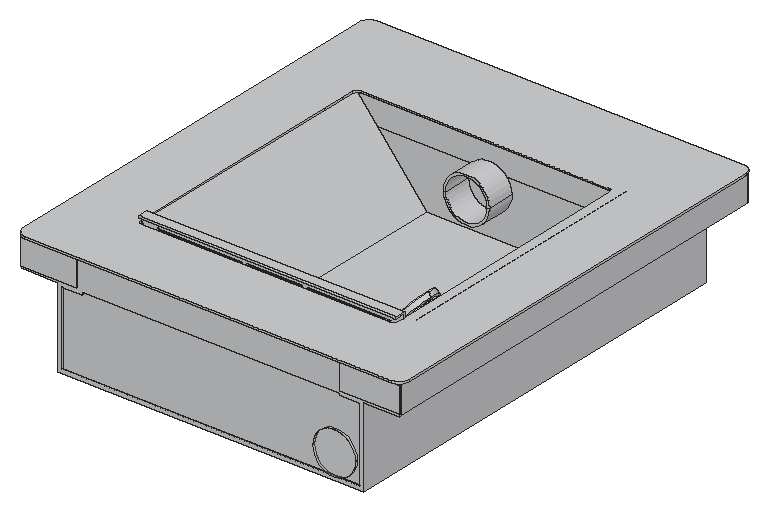
Revit family "Commercial_Water Dispenser-Elkay-EBWDCM0SSC-BD", category Plumbing Fixtures, host Face, Revit 2022
Family settings
  Host = Face
  Round Connector Dimension = Use Diameter
  Part Type = Normal
  OmniClass Number = 23.65.70.14.11
  OmniClass Title = Drinking Fountains/Coolers
  Cut with Voids When Loaded = No
  Maintain Annotation Orientation = No
  Shared = No
  Room Calculation Point = No
Parameters (values of type "EBWDCM0SSC-BD (Commercial Water Dispenser Non-Filtered Non-Refrigerated Stainless)")
  Width = 18.00"
  URL = "https://www.elkay.com/us/en.html"
  Second material = Elkay-Transparent
  Repair Parts URL = "https://www.elkayfiles.com/care-cleaning-install-warranty-sheets/2000001805.pdf"
  Product data URL = ""
  Product Weight (lbs) = 25
  Product Page URL = "https://www.elkay.com/products/details/EBWDCM0SSC-BD"
  Product Installation Sheet URL = "https://www.elkayfiles.com/care-cleaning-install-warranty-sheets/2000001805.pdf"
  Product Documentation Link = "https://www.elkayfiles.com/spec-sheets/ebwdcm0ssc-bd_spec.pdf"
  Outlet connection = 2.00"
  Model = "EBWDCM0SSC-BD"
  Manufacturer Brand = "Elkay (by Zurn Elkay Water Solutions)"
  Manufacturer = "Elkay Manufacturer Company"
  Main Material = Finish-Elkay-Stainless Steel
  Length = 5.13"
  Inlet connection = 2.00"
  Height = 28.00"
  Description = "Elkay ezH2O Commercial Water Dispenser Non-Filtered Non Refrigerated Stainless with brass drain"
  Default Elevation = 48.00"
  Date Created = "16/09/2024"
  Assembly Code = "D2010800"
  Approx. Shipping Weight (lbs) = 26
  Activation Method = "Mechanical Bottle Filler Button"
Reference planes (in)
  plane 1 "Center (Front/Back)": y = 0
  plane 2: z = 0
  plane 3 "Center (Left/Right)": x = 0
  plane 4: x = -17.78201
  plane 5: x = 10.83353
  plane 6: z = 5.55545
  plane 7: z = 5.31587
  plane 8: x = -8.8714
  plane 9: x = -9
  plane 10: x = 9
  plane 11: x = 8.865
  plane 12: x = -6
  plane 13: x = 6
  plane 14: y = -5
  plane 15: x = -6.25
  plane 16: x = 6.25261
  plane 17: z = -0.17073
  plane 18: y = -7.1
  plane 19: y = 12.98044
  plane 20: z = 1.06641
  plane 21: x = -14.25
  plane 22: z = 2.86508
  plane 23: z = -3.8125
Forms (in)
  Extrusion 1, void
    sketch origin (6.25261, -180, 18.04734) x (0, 0, -1) y (0, -1, 0)
      loop
        line (15.18226, -188.86536) -> (21.85984, -188.86536) -> (21.85984, -176.36044) -> (15.18226, -176.36044) -> (15.18226, -188.86536)
    from 0 to 12
  Extrusion 2, solid, material "Elkay-Transparent"
    sketch origin (0, 0, 0) x (1, 0, 0) y (0, 0, 1)
      loop
        circle (5.84, -2.6225) r 1
    from 7.358 to 7.47518
Lines and regions (in)
  Masking region 1
    outline origin (-40.11393, -5, 48) x (-1, 0, 0) y (0, 0, 1)
      loop
        line (-32.98393, -51.8125) -> (-32.98393, -48.17073) -> (-31.11393, -48.17073) -> (-31.11393, -46.6772) -> (-31.11393, -46.6025) -> (-34.11393, -46.6025) -> (-34.11393, -46.36292) -> (-46.11393, -46.36292) -> (-46.11393, -46.6025) -> (-49.11393, -46.6025) -> (-49.11393, -48.08791) -> (-47.24393, -48.08791) -> (-47.24393, -51.8125) -> (-32.98393, -51.8125)
  Masking region 2, detail levels fine
    outline origin (-40.11393, -5, 48) x (-1, 0, 0) y (0, 0, 1)
      loop
        circle (-40.11393, -48.65837) r 1.0644
      loop
        circle (-45.95393, -50.6225) r 1
Dimensions and locks (in)
  locked: plane 6 to level at 5.55545
  locked: plane 7 to level at 5.31587
  locked: plane 5 to plane 11 at 1.96853
  plane 5 to plane 11 = 1.96853"
  locked: plane 3 "Center (Left/Right)" to plane 4 at 17.78201
  locked: plane 5 to plane 3 "Center (Left/Right)" at 10.83353
  locked: plane 3 "Center (Left/Right)" to plane 9 at 9
  locked: plane 3 "Center (Left/Right)" to plane 8 at 8.8714
  locked: plane 5 to plane 10 at 1.83353
  plane 13 to plane 3 "Center (Left/Right)" to plane 12 = 6.00" locked, 6.00" locked
  plane 15 to plane 3 "Center (Left/Right)" to plane 16 = 6.25" locked, 6.25261" locked
  locked: level to plane 17 at 0.17073
  locked: plane 1 "Center (Front/Back)" to plane 18 at 7.1
  locked: plane 14 to plane 18 at 2.1
  locked: plane 19 to plane 1 "Center (Front/Back)" at 12.98044
  locked: level to plane 23 at 3.8125
  locked: plane 23 to Extrusion 2 sketch curve at 0.19
  locked: Extrusion 2 to Extrusion 2 at 0.11718
  locked: plane 10 to Extrusion 2 sketch curve at 3.16
  plane 9 to plane 10 = 18.00"
  plane 19 to nested 1 = 20.50"
  nested 1 to plane 23 = 5.21"
  aligned and locked: plane 2 to host face
  aligned and locked: level to host face
  aligned and locked: plane 19 to nested 1  (x2)
  aligned and locked: nested 1 to plane 23
  aligned and locked: Extrusion 1 sketch curve to nested 1  (x2)
  aligned and locked: plane 22 to Extrusion 1
  aligned and locked: Extrusion 1 to plane 23
  aligned and locked: nested 1 to Extrusion 2
  aligned and locked: Masking region 1 sketch curve to plane 23
  aligned and locked: Masking region 1 sketch curve to nested 1  (x7)
  aligned and locked: plane 17 to Masking region 1 sketch curve
  aligned and locked: plane 12 to Masking region 1 sketch curve
  aligned and locked: nested 1 to Masking region 1 sketch curve
  aligned and locked: Masking region 1 sketch curve to plane 13
  aligned and locked: Masking region 2 sketch curve to nested 1  (x2)
  aligned and locked: Masking region 2 sketch curve to Extrusion 2  (x2)
Nested families (in)
  nested 1: "EBWDCM0SSC-BD" at (0, 3.64044, 1.3975) x (1, 0, 0) z (0, 1, 0), Material <- "Main Material", type "EBWDCM0SSC-BD"
    with Material Finish-Elkay-Stainless Steel
Connectors (in)
  piping at (0, -3.63956, -0.65837), diameter 2, driven by "Outlet connection"
    settings: on nested 1, index 3, connector inside diameter 24", connector length 0.00", flow factor 0, pipe flow 0 GPM, pressure drop 0.00 psi, fitting loss kfactor 0, connector angle 0.00°, fixture units 0, engagement length 0.00", angle of deflection 0.00°, flow configuration 0, flow direction 2, fitting loss method 0, system type 16, joint type 0, gender type 0, connector reference index -1, connector utility 0, adjustable connector no, is connector primary yes, connector description "Water Outlet"
  piping at (5.84, -7.47518, -2.6225), diameter 2, driven by "Inlet connection"
    settings: on Extrusion 2, index 4, connector inside diameter 24", connector length 0.00", flow factor 0, pipe flow 0 GPM, pressure drop 0.00 psi, fitting loss kfactor 0, connector angle 0.00°, fixture units 0, engagement length 0.00", angle of deflection 0.00°, flow configuration 0, flow direction 1, fitting loss method 0, system type 20, joint type 0, gender type 0, connector reference index -1, connector utility 0, adjustable connector no, is connector primary no, connector description "Water Inlet"
Definition of nested family "EBWDCM0SSC-BD"
  Parameters (values of type "EBWDCM0SSC-BD")
    angle 1 = 50.1737°
    Width = 20.50"
    Thickness = 5.30616"
    Material [instance] = none
    Length = 18.00"
    Default Elevation = 48.00"
    Angle 2 = 49.9996°
  Reference planes (in)
    plane 1 "Center (Front/Back)": y = 0
    plane 2: z = -0.91
    plane 3 "Center (Left/Right)": x = 0
    plane 4: x = -9
    plane 5: z = -11.16
    plane 6: x = 9
    plane 7: z = 9.34
    plane 8: y = 5.31587
    plane 9: z = -7.24
    plane 10: z = -6.07
    plane 11: z = 4.93
    plane 12: y = 4.18794
    plane 13: y = 4.14794
    plane 14: y = 0.0747
    plane 15: z = 5.22492
    plane 16: z = 5.18492
    plane 17: x = -6
    plane 18: x = 6
    plane 19: z = -7.82654
    plane 20: z = 6.00654
    plane 21: y = 2.05587
    plane 22: y = 2.80587
    plane 23: z = 3.88098
    plane 24: x = -1.0644
    plane 25: x = -0.9644
    plane 26: x = -8.8314
    plane 27: x = 8.825
    plane 28: x = -8.8714
    plane 29: y = 5.27587
    plane 30: x = 8.785
    plane 31: y = 1.15848
    plane 32: y = 1.19848
    plane 33: x = 7.4104
    plane 34: x = -7.4104
    plane 35: z = -10.99844
    plane 36: z = 8.92174
    plane 37: y = 1.35263
    plane 38: y = 1.38853
    plane 39: z = 9.13483
    plane 40: z = 9.09893
    plane 41: y = 0.26261
    plane 42: z = 8.90544
    plane 43: z = 8.86954
    plane 44: z = 9.21544
    plane 45: z = 9.17559
    plane 46: x = 8.865
    plane 47: z = -10.95844
    plane 48: z = -7.28
    plane 49: y = -0.20304
    plane 50: y = -0.23958
    plane 51: y = -0.19981
    plane 52: y = -0.16399
    plane 53: z = -3.91668
    plane 54: z = -8.70325
    plane 55: z = -10.90216
    plane 56: z = -10.93806
    plane 57: y = 1.48541
    plane 58: z = -10.75225
    plane 59: z = -9.66918
    plane 60: x = -6.245
    plane 61: x = -3.03825
    plane 62: z = -9.06
  Forms (in)
    Extrusion 1, solid, material <- "Material", detail levels fine
      sketch origin (0, 0, -0.91) x (1, 0, 0) y (0, 1, 0)
        loop
          line (-2.91865, 4.18794) -> (-6.34888, 0.0747) -> (-6.30888, 0.0747) -> (-2.91201, 4.14794) -> (2.88659, 4.14794) -> (6.30449, 0.0747) -> (6.34449, 0.0747) -> (2.89303, 4.18794) -> (-2.91865, 4.18794)
      from -6.33 to 6.13492
    Extrusion 2, solid, material <- "Material", detail levels fine
      sketch origin (0, 0, -0.91) x (1, 0, 0) y (0, 1, 0)
        loop
          line (-2.91865, 4.18794) -> (-6.34888, 0.0747) -> (6.34449, 0.0747) -> (2.89303, 4.18794) -> (-2.91865, 4.18794)
      from 6.09492 to 6.13492
    Extrusion 3, solid, material <- "Material", detail levels fine
      sketch origin (-25.99937, 2.05587, 48) x (-1, 0, 0) y (0, 0, 1)
        loop
          line (-20.24937, -43.07) -> (-31.74937, -43.07)
          arc (-31.74937, -43.07) -> (-31.92615, -43.14322) -> (-31.99937, -43.32) r 0.25
          line (-31.99937, -43.32) -> (-31.99937, -55.57654)
          arc (-31.99937, -55.57654) -> (-31.92615, -55.75331) -> (-31.74937, -55.82654) r 0.25
          line (-31.74937, -55.82654) -> (-20.24937, -55.82654)
          arc (-20.24937, -55.82654) -> (-20.07259, -55.75331) -> (-19.99937, -55.57654) r 0.25
          line (-19.99937, -55.57654) -> (-19.99937, -43.32)
          arc (-19.99937, -43.32) -> (-20.07259, -43.14322) -> (-20.24937, -43.07) r 0.25
        loop
          line (-17.44937, -38.66) -> (-34.54937, -38.66)
          arc (-34.54937, -38.66) -> (-34.86757, -38.7918) -> (-34.99937, -39.11) r 0.45
          line (-34.99937, -39.11) -> (-34.99937, -58.71)
          arc (-34.99937, -58.71) -> (-34.86757, -59.0282) -> (-34.54937, -59.16) r 0.45
          line (-34.54937, -59.16) -> (-17.44937, -59.16)
          arc (-17.44937, -59.16) -> (-17.13117, -59.0282) -> (-16.99937, -58.71) r 0.45
          line (-16.99937, -58.71) -> (-16.99937, -39.11)
          arc (-16.99937, -39.11) -> (-17.13117, -38.7918) -> (-17.44937, -38.66) r 0.45
      from -2.05587 to -1.98117
    Extrusion 4, solid, material <- "Material", detail levels fine
      sketch origin (0, 0, -0.91) x (1, 0, 0) y (0, 1, 0)
        loop
          line (-7.13, 5.21) -> (-7.13, 1.38853) -> (-6, 1.38853) -> (-6, 1.57853) -> (-6.94, 1.57853) -> (-6.94, 5.01814) -> (6.94, 5.01814) -> (6.94, 1.57853) -> (6, 1.57853) -> (6, 1.38853) -> (7.13, 1.38853) -> (7.13, 5.21) -> (-7.13, 5.21)
      from -10.08844 to 9.77954
    Extrusion 5, solid, material <- "Material", detail levels fine
      sketch origin (0, 0, 0) x (0, 1, 0) y (0, 0, 1)
        loop
          line (5.21, 8.90544) -> (1.42698, 8.90544)
          arc (1.42698, 8.90544) -> (1.39979, 8.9167) -> (1.38853, 8.94389) r 0.03845
          line (1.38853, 8.94389) -> (1.38853, 9.0675)
          arc (1.38853, 9.0675) -> (1.36881, 9.11511) -> (1.32121, 9.13483) r 0.06732
          line (1.32121, 9.13483) -> (0.26261, 9.13483) -> (0.26261, 9.09893) -> (1.3244, 9.09893)
          arc (1.3244, 9.09893) -> (1.34436, 9.09066) -> (1.35263, 9.07069) r 0.02824
          line (1.35263, 9.07069) -> (1.35263, 8.93711)
          arc (1.35263, 8.93711) -> (1.37242, 8.88933) -> (1.4202, 8.86954) r 0.06757
          line (1.4202, 8.86954) -> (5.21, 8.86954) -> (5.21, 8.90544)
      from -7.13 to 7.13
    Extrusion 6, solid, material <- "Material", detail levels fine
      sketch origin (-25.99937, 2.05587, 48) x (-1, 0, 0) y (0, 0, 1)
        loop
          line (-17.21808, -38.78456) -> (-34.8087, -38.78456)
          arc (-34.8087, -38.78456) -> (-34.84807, -38.80087) -> (-34.86437, -38.84023) r 0.05567
          line (-34.86437, -38.84023) -> (-34.86437, -58.99844) -> (-31.99937, -58.99844) -> (-31.99937, -42.84766)
          arc (-31.99937, -42.84766) -> (-31.98983, -42.82462) -> (-31.9668, -42.81508) r 0.03257
          line (-31.9668, -42.81508) -> (-19.80756, -42.81508)
          arc (-19.80756, -42.81508) -> (-19.76995, -42.83066) -> (-19.75437, -42.86827) r 0.05319
          line (-19.75437, -42.86827) -> (-19.75437, -58.99844) -> (-17.12797, -58.99844) -> (-17.12797, -38.87467)
          arc (-17.12797, -38.87467) -> (-17.15436, -38.81095) -> (-17.21808, -38.78456) r 0.09011
      from -1.98117 to -0.66734
    Extrusion 7, solid, material <- "Material", detail levels fine
      sketch origin (-0.04, 0, -0.91) x (1, 0, 0) y (0, 1, 0)
        loop
          line (-6.30888, 0.0747) -> (6.34449, 0.0747) -> (2.89303, 4.18794) -> (-2.87865, 4.18794) -> (-6.30888, 0.0747)
      from -6.37 to -6.33
    Extrusion 8, solid, material <- "Material", detail levels fine
      sketch origin (0, 0, 0) x (0, 1, 0) y (0, 0, 1)
        loop
          line (0.0747, -7.24) -> (-0.23958, -7.24) -> (-0.23958, -7.70059)
          arc (-0.23958, -7.70059) -> (-0.20179, -7.73839) -> (-0.16399, -7.70059) r 0.03779
          line (-0.16399, -7.70059) -> (-0.16399, -7.52105) -> (-0.20304, -7.52105) -> (-0.20304, -7.28) -> (0.0747, -7.28) -> (0.0747, -7.24)
      from -6 to 6
    Extrusion 9, void
      sketch origin (0, 0, -0.91) x (1, 0, 0) y (0, 1, 0)
        loop
          circle (0, 2.05587) r 0.5
      from -7.79325 to -5.16
    Revolve 10, solid, material <- "Material", detail levels fine
      sketch origin (-51.99516, -180, -3.91668) x (-1, 0, 0) y (0, -1, 0)
        loop
          line (-55.73916, -181.6069) -> (-56.51071, -182.25432) -> (-55.78648, -183.11741) -> (-55.61633, -182.97464)
          arc (-55.61633, -182.97464) -> (-55.64519, -182.84266) -> (-55.70791, -182.72302) r 0.50646
          line (-55.70791, -182.72302) -> (-55.49441, -182.54386)
          arc (-55.49441, -182.54386) -> (-55.4821, -182.52022) -> (-55.49012, -182.4948) r 0.03483
          line (-55.49012, -182.4948) -> (-55.76465, -182.16762) -> (-55.71435, -182.12754) -> (-55.36428, -182.55543) -> (-55.19702, -182.41859)
          arc (-55.19702, -182.41859) -> (-55.18242, -182.39263) -> (-55.1893, -182.36365) r 0.04089
          arc (-55.1893, -182.36365) -> (-55.45997, -181.98218) -> (-55.73916, -181.6069) r 20.77321
        axis (-55.73916, -181.6069) -> (-56.51071, -182.25432)
      angle from 0 to 360
    Extrusion 11, void
      sketch origin (0, 0, -0.91) x (1, 0, 0) y (0, 1, 0)
        loop
          line (-3.35425, 2.77725) -> (-3.43733, 2.67763) -> (-1.51305, 2.67763) -> (-1.51305, 2.77725) -> (-3.35425, 2.77725)
        loop
          line (-3.64736, 2.42578) -> (-3.74906, 2.30382) -> (-1.51305, 2.30382) -> (-1.51305, 2.42578) -> (-3.64736, 2.42578)
        loop
          line (-3.94453, 2.06944) -> (-4.04608, 1.94767) -> (-1.51305, 1.94767) -> (-1.51305, 2.06944) -> (-3.94453, 2.06944)
        loop
          line (-4.25029, 1.7028) -> (-4.35291, 1.57974) -> (-1.51305, 1.57974) -> (-1.51305, 1.7028) -> (-4.25029, 1.7028)
        loop
          line (-4.5585, 1.33322) -> (-4.64485, 1.22967) -> (-1.51305, 1.22967) -> (-1.51305, 1.33322) -> (-4.5585, 1.33322)
        loop
          line (-1.51305, 3.0508) -> (-1.51305, 3.13157) -> (-3.05877, 3.13157) -> (-3.12613, 3.0508) -> (-1.51305, 3.0508)
        loop
          line (-1.51305, 3.42396) -> (-1.51305, 3.47908) -> (-2.76896, 3.47908) -> (-2.81493, 3.42396) -> (-1.51305, 3.42396)
        loop
          line (3.483, 2.77725) -> (1.51305, 2.77725) -> (1.51305, 2.67763) -> (3.56237, 2.67763) -> (3.483, 2.77725)
        loop
          line (3.76303, 2.42578) -> (1.51305, 2.42578) -> (1.51305, 2.30382) -> (3.8602, 2.30382) -> (3.76303, 2.42578)
        loop
          line (4.04695, 2.06944) -> (1.51305, 2.06944) -> (1.51305, 1.94767) -> (4.14397, 1.94767) -> (4.04695, 2.06944)
        loop
          line (4.33907, 1.7028) -> (1.51305, 1.7028) -> (1.51305, 1.57974) -> (4.43711, 1.57974) -> (4.33907, 1.7028)
        loop
          line (4.63353, 1.33322) -> (1.51305, 1.33322) -> (1.51305, 1.22967) -> (4.71603, 1.22967) -> (4.63353, 1.33322)
        loop
          line (1.51305, 3.0508) -> (3.26505, 3.0508) -> (3.2007, 3.13157) -> (1.51305, 3.13157) -> (1.51305, 3.0508)
        loop
          line (1.51305, 3.42396) -> (2.96774, 3.42396) -> (2.92381, 3.47908) -> (1.51305, 3.47908) -> (1.51305, 3.42396)
        loop
          line (-1.33722, 3.47908) -> (-1.33722, 3.42396) -> (1.3477, 3.42396) -> (1.3477, 3.47908) -> (-1.33722, 3.47908)
        loop
          line (-1.31763, 3.13157) -> (-1.31763, 3.0508) -> (1.3477, 3.0508) -> (1.3477, 3.13157) -> (-1.31763, 3.13157)
        loop
          line (-1.31763, 2.77725) -> (-1.31763, 2.67763) -> (1.3477, 2.67763) -> (1.3477, 2.77725) -> (-1.31763, 2.77725)
        loop
          line (-1.31763, 2.42578) -> (-1.31763, 2.30382) -> (-0.63104, 2.30382) -> (-0.56132, 2.42578) -> (-1.31763, 2.42578)
        loop
          line (-1.31763, 2.06944) -> (-1.31763, 1.94767) -> (-0.58993, 1.94767) -> (-0.58993, 2.06944) -> (-1.31763, 2.06944)
        loop
          line (-1.31763, 1.7028) -> (-1.31763, 1.57974) -> (-0.50895, 1.57974) -> (-0.58993, 1.7028) -> (-1.31763, 1.7028)
        loop
          line (-1.31763, 1.33322) -> (-1.31763, 1.22967) -> (1.31471, 1.22967) -> (1.31471, 1.33322) -> (-1.31763, 1.33322)
        loop
          line (1.31763, 2.42578) -> (0.56132, 2.42578) -> (0.63104, 2.30382) -> (1.31763, 2.30382) -> (1.31763, 2.42578)
        loop
          line (1.31763, 2.06944) -> (0.58993, 2.06944) -> (0.58993, 1.94767) -> (1.31763, 1.94767) -> (1.31763, 2.06944)
        loop
          line (1.31763, 1.7028) -> (0.58993, 1.7028) -> (0.50895, 1.57974) -> (1.31763, 1.57974) -> (1.31763, 1.7028)
        loop
          line (-4.87607, 0.95242) -> (-4.96242, 0.84887) -> (-1.51305, 0.84887) -> (-1.51305, 0.95242) -> (-4.87607, 0.95242)
        loop
          line (-5.14363, 0.63158) -> (-5.22998, 0.52803) -> (-1.51305, 0.52803) -> (-1.51305, 0.63158) -> (-5.14363, 0.63158)
        loop
          line (-5.36498, 0.36615) -> (-5.45133, 0.26261) -> (-1.51305, 0.26261) -> (-1.51305, 0.36615) -> (-5.36498, 0.36615)
        loop
          line (-1.31763, 0.95242) -> (-1.31763, 0.84887) -> (1.31471, 0.84887) -> (1.31471, 0.95242) -> (-1.31763, 0.95242)
        loop
          line (-1.31763, 0.63158) -> (-1.31763, 0.52803) -> (1.31763, 0.52803) -> (1.31763, 0.63158) -> (-1.31763, 0.63158)
        loop
          line (-1.31597, 0.36615) -> (-1.31597, 0.26261) -> (1.31763, 0.26261) -> (1.31763, 0.36615) -> (-1.31597, 0.36615)
        loop
          line (4.93693, 0.95242) -> (1.51305, 0.95242) -> (1.51305, 0.84887) -> (5.01944, 0.84887) -> (4.93693, 0.95242)
        loop
          line (5.19256, 0.63158) -> (1.51305, 0.63158) -> (1.51305, 0.52803) -> (5.27506, 0.52803) -> (5.19256, 0.63158)
        loop
          line (5.40404, 0.36615) -> (1.51305, 0.36615) -> (1.51305, 0.26261) -> (5.48654, 0.26261) -> (5.40404, 0.36615)
      from -7.79325 to -5.16
    Extrusion 12, solid, material <- "Material", detail levels coarse+medium
      sketch origin (0, 0, -0.91) x (1, 0, 0) y (0, 1, 0)
        loop
          line (-9, 5.31587) -> (-9, 0) -> (9, 0) -> (9, 5.31587) -> (-9, 5.31587)
      from -10.25 to 10.25
    Extrusion 13, void
      sketch origin (0, 0, -0.91) x (1, 0, 0) y (0, 1, 0)
        loop
          line (-2.21117, 4.14794) -> (-7.20205, -1.83671) -> (7.15917, -1.83671) -> (2.3909, 4.14794) -> (-2.21117, 4.14794)
      from -5.16 to 5.84
    Extrusion 14, solid, material <- "Material", detail levels fine
      sketch origin (0, 0, 0) x (0, 1, 0) y (0, 0, 1)
        loop
          line (5.21, -10.95844) -> (5.21, -10.90216) -> (1.35263, -10.90216) -> (1.35263, -10.95844) -> (5.21, -10.95844)
      from -7.13 to 7.13
    Extrusion 15, solid, material <- "Material", detail levels fine
      sketch origin (0, 0, 0) x (0, 1, 0) y (0, 0, 1)
        loop
          line (1.48541, -10.99844) -> (1.48541, -10.95844) -> (0.15388, -10.95844)
          arc (0.15388, -10.95844) -> (0.12812, -10.94777) -> (0.11745, -10.92201) r 0.03643
          line (0.11745, -10.92201) -> (0.11745, -10.75225) -> (0.0747, -10.75225) -> (0.0747, -10.90837)
          arc (0.0747, -10.90837) -> (0.10108, -10.97206) -> (0.16477, -10.99844) r 0.09007
          line (0.16477, -10.99844) -> (1.48541, -10.99844)
      from -8.8314 to 8.785
    Revolve 16, solid, material <- "Material"
      sketch origin (-25.99937, 2.05587, 48) x (-1, 0, 0) y (0, 0, 1)
        loop
          line (-25.03497, -42.81508) -> (-25.03497, -44.11902) -> (-24.93497, -44.11902) -> (-24.93497, -42.81508) -> (-25.03497, -42.81508)
        axis (-25.99937, -42.81508) -> (-25.99937, -44.11902)
      angle from 0 to 360
  Cuts and joins
    Extrusion 9, Extrusion 11, Extrusion 13 cuts Extrusion 1
    Extrusion 9, Extrusion 11, Extrusion 13 cuts Extrusion 2
    joined: Extrusion 1, Extrusion 2
    Extrusion 9, Extrusion 11, Extrusion 13 cuts Extrusion 4
    Extrusion 9, Extrusion 11, Extrusion 13 cuts Extrusion 5
    joined: Extrusion 4, Extrusion 5, Extrusion 14, Extrusion 15
    Extrusion 9, Extrusion 11 cuts Extrusion 7
    joined: Extrusion 7, Extrusion 8
    Extrusion 11, Extrusion 13 cuts Extrusion 6
    Extrusion 13 cuts Extrusion 3
    Extrusion 13 cuts Extrusion 12
  Lines and regions (in)
    reference lines
      curve 1: line (-6.41118, 0, -0.91) -> (-2.91865, 4.18794, -0.91)
      curve 2: line (2.89303, 4.18794, -0.91) -> (6.40717, 0, -0.91)
      curve 3: line (-6.37118, 0, -0.91) -> (-2.87865, 4.18794, -0.91)
      curve 4: line (2.85303, 4.18794, -0.91) -> (6.36717, 0, -0.91)
      curve 5: line (-5.87013, -0.23958, -0.91) -> (-2.17781, 4.18794, -0.91)
      curve 6: line (2.35903, 4.18794, -0.91) -> (5.88666, -0.23958, -0.91)
      curve 7: line (3.44098, 1.35263, -0.91) -> (5.17286, 2.80587, -0.91)
  Dimensions and locks (in)
    equal spacing: plane 6, plane 3 "Center (Left/Right)", plane 4, locked at 9 each
    equal spacing: plane 7, level, plane 5, locked at 10.25 each
    "Width": plane 7 to plane 5
    "Length": plane 6 to plane 4
    plane 1 "Center (Front/Back)" to plane 8 = 5.31587"
    locked: plane 9 to plane 5 at 3.92
    locked: plane 11 to plane 9 at 12.17
    plane 8 to plane 12 = 1.12793"
    locked: plane 12 to plane 13 at 0.04
    locked: plane 8 to plane 12 at 1.12793
    locked: plane 1 "Center (Front/Back)" to plane 14 at 0.0747
    locked: plane 15 to plane 11 at 0.29492
    locked: plane 15 to plane 16 at 0.04
    equal spacing: plane 18, plane 3 "Center (Left/Right)", plane 17, locked at 6 each
    locked: plane 3 "Center (Left/Right)" to plane 17 at 6
    equal spacing: plane 20, level, plane 19
    level to plane 19 = 6.91654"
    locked: plane 8 to plane 21 at 3.26
    locked: plane 11 to plane 23 at 1.04902
    locked: plane 25 to plane 24 at 0.1
    locked: plane 3 "Center (Left/Right)" to plane 25 at 0.9644
    locked: plane 4 to plane 28 at 0.1286
    locked: plane 28 to plane 26 at 0.04
    locked: plane 8 to plane 29 at 0.04
    locked: plane 30 to plane 27 at 0.04
    locked: plane 32 to plane 31 at 0.04
    locked: plane 32 to plane 14 at 1.12378
    locked: plane 4 to plane 34 at 1.5896
    locked: plane 33 to plane 6 at 1.5896
    locked: plane 35 to plane 5 at 0.16156
    locked: plane 7 to plane 36 at 0.41826
    locked: plane 38 to plane 37 at 0.0359
    locked: plane 39 to plane 40 at 0.0359
    locked: plane 42 to plane 43 at 0.0359
    locked: plane 40 to plane 42 at 0.19349
    locked: plane 44 to plane 45 at 0.03985
    locked: plane 7 to plane 44 at 0.12456
    locked: plane 46 to plane 27 at 0.04
    locked: plane 6 to plane 46 at 0.135
    locked: plane 47 to plane 35 at 0.04
    locked: plane 9 to plane 48 at 0.04
    locked: plane 52 to plane 51 at 0.03581
    locked: plane 49 to plane 50 at 0.03654
    locked: plane 41 to plane 52 at 0.4266
    locked: plane 41 to plane 50 at 0.50219
    locked: plane 31 to plane 41 at 0.89588
    locked: plane 53 to plane 10 at 2.15332
    locked: plane 10 to plane 48 at 1.21
    locked: plane 56 to plane 5 at 0.22194
    locked: plane 55 to plane 56 at 0.0359
    locked: plane 58 to plane 55 at 0.14991
    locked: plane 21 to plane 57 at 0.57046
    locked: plane 22 to plane 21 at 0.75
    locked: plane 58 to plane 54 at 2.049
    locked: plane 59 to plane 58 at 1.08307
    locked: plane 19 to plane 54 at 0.87672
    locked: plane 45 to plane 43 at 0.30605
    plane 60 to plane 28 = 2.6264"
    locked: plane 34 to plane 60 at 1.1654
    plane 60 to plane 17 = 0.245"
    locked: plane 17 to plane 3 "Center (Left/Right)" at 6
    locked: plane 17 to plane 61 at 2.96175
    locked: plane 21 to plane 38 at 0.66734
    locked: plane 62 to plane 54 at 0.35675
    plane 4 to Extrusion 12 = 18.00"
    locked: plane 1 "Center (Front/Back)" to Extrusion 4 sketch curve at 5.21
    locked: cut or joined group of Extrusion 4, Extrusion 5, Extrusion 9, Extrusion 11, Extrusion 13, Extrusion 14, Extrusion 15 to cut or joined group of Extrusion 4, Extrusion 5, Extrusion 9, Extrusion 11, Extrusion 13, Extrusion 14, Extrusion 15 at 0.19186
    plane 4 to Extrusion 4 sketch curve = 1.87"
    Extrusion 4 sketch curve to plane 6 = 1.87"
    locked: cut or joined group of Extrusion 4, Extrusion 5, Extrusion 9, Extrusion 11, Extrusion 13, Extrusion 14, Extrusion 15 to plane 33 at 0.2804
    locked: plane 34 to cut or joined group of Extrusion 4, Extrusion 5, Extrusion 9, Extrusion 11, Extrusion 13, Extrusion 14, Extrusion 15 at 0.2804
    "angle 1": angle plane 13 to curve 1
    "Angle 2": angle curve 2 to plane 13
    locked: plane 22 to curve 7 (angle 40.0004°)
    locked: cut or joined group of Extrusion 7, Extrusion 8, Extrusion 9, Extrusion 11 to curve 5 (angle 50.1737°)
    locked: cut or joined group of Extrusion 7, Extrusion 8, Extrusion 9, Extrusion 11 to curve 6 (angle 128.546°)
    aligned and locked: plane 2 to level
    aligned and locked: plane 1 "Center (Front/Back)" to curve 1
    aligned and locked: plane 12 to curve 1
    aligned and locked: plane 12 to curve 2
    aligned and locked: plane 1 "Center (Front/Back)" to curve 2
    aligned and locked: plane 1 "Center (Front/Back)" to curve 3
    aligned and locked: plane 12 to curve 3
    aligned and locked: plane 12 to curve 4
    aligned and locked: plane 1 "Center (Front/Back)" to curve 4
    aligned and locked: Extrusion 1 sketch curve to plane 12
    aligned and locked: Extrusion 1 sketch curve to plane 13
    aligned and locked: Extrusion 1 sketch curve to curve 1
    aligned and locked: Extrusion 1 sketch curve to curve 3
    aligned and locked: Extrusion 1 sketch curve to curve 2
    aligned and locked: curve 4 to Extrusion 1 sketch curve
    aligned and locked: Extrusion 1 sketch curve to plane 14  (x2)
    aligned and locked: Extrusion 1 to plane 9
    aligned and locked: plane 15 to Extrusion 1
    aligned and locked: curve 1 to Extrusion 2 sketch curve
    aligned and locked: Extrusion 2 sketch curve to plane 12
    aligned and locked: Extrusion 2 sketch curve to curve 2
    aligned and locked: plane 14 to Extrusion 2 sketch curve
    aligned and locked: plane 15 to Extrusion 2
    aligned and locked: Extrusion 2 to plane 16
    aligned and locked: Extrusion 3 sketch curve to plane 11
    aligned and locked: plane 17 to Extrusion 3 sketch curve
    aligned and locked: Extrusion 3 sketch curve to plane 18
    aligned and locked: plane 19 to Extrusion 3 sketch curve
    aligned and locked: Extrusion 3 sketch curve to plane 7
    aligned and locked: plane 4 to Extrusion 3 sketch curve
    aligned and locked: plane 5 to Extrusion 3 sketch curve
    aligned and locked: Extrusion 3 sketch curve to plane 6
    aligned and locked: plane 1 "Center (Front/Back)" to Extrusion 3
    aligned and locked: plane 14 to Extrusion 3
    aligned and locked: Extrusion 4 to plane 35
    aligned and locked: plane 43 to Extrusion 5 sketch curve
    aligned and locked: Extrusion 5 sketch curve to plane 42
    aligned and locked: plane 37 to Extrusion 5 sketch curve
    aligned and locked: Extrusion 5 sketch curve to plane 38
    aligned and locked: Extrusion 5 sketch curve to plane 39
    aligned and locked: plane 40 to Extrusion 5 sketch curve
    aligned and locked: plane 41 to Extrusion 5 sketch curve
    aligned and locked: plane 43 to Extrusion 4
    aligned and locked: Extrusion 6 sketch curve to plane 44
    aligned and locked: plane 28 to Extrusion 6 sketch curve
    aligned and locked: Extrusion 6 sketch curve to plane 46
    aligned and locked: Extrusion 6 sketch curve to plane 35  (x2)
    aligned and locked: plane 38 to Extrusion 6
    aligned and locked: Extrusion 6 to plane 14
    aligned and locked: plane 9 to Extrusion 7
    aligned and locked: Extrusion 7 to plane 48
    aligned and locked: Extrusion 7 sketch curve to cut or joined group of Extrusion 1, Extrusion 2, Extrusion 9, Extrusion 11, Extrusion 13
    aligned and locked: plane 14 to Extrusion 7 sketch curve
    aligned and locked: Extrusion 8 sketch curve to plane 9
    aligned and locked: plane 48 to Extrusion 8 sketch curve
    aligned and locked: plane 50 to Extrusion 8 sketch curve
    aligned and locked: Extrusion 8 sketch curve to plane 49
    aligned and locked: Extrusion 8 sketch curve to plane 14
    aligned and locked: plane 52 to Extrusion 8 sketch curve
    aligned and locked: Extrusion 8 to plane 17
    aligned and locked: plane 18 to Extrusion 8
    aligned and locked: plane 3 "Center (Left/Right)" to Extrusion 9 sketch curve
    aligned and locked: plane 21 to Extrusion 9 sketch curve
    aligned and locked: plane 10 to Extrusion 9
    aligned and locked: plane 22 to curve 7
    aligned and locked: plane 37 to curve 7
    aligned and locked: curve 7 to Revolve 10 sketch curve  (x2)
    aligned and locked: cut or joined group of Extrusion 1, Extrusion 2, Extrusion 9, Extrusion 11, Extrusion 13 to Revolve 10 sketch curve
    aligned and locked: plane 12 to curve 5
    aligned and locked: plane 50 to curve 5
    aligned and locked: plane 12 to curve 6
    aligned and locked: plane 50 to curve 6
    aligned and locked: curve 5 to Extrusion 11 sketch curve  (x10)
    aligned and locked: Extrusion 11 sketch curve to curve 6  (x5)
    aligned and locked: curve 6 to Extrusion 11 sketch curve  (x5)
    aligned and locked: plane 10 to Extrusion 11
    aligned and locked: Extrusion 11 to plane 54
    aligned and locked: Extrusion 11 to Extrusion 9
    aligned and locked: Extrusion 12 sketch curve to plane 8
    aligned and locked: Extrusion 12 to plane 4
    aligned and locked: plane 6 to Extrusion 12
    aligned and locked: Extrusion 12 sketch curve to plane 1 "Center (Front/Back)"
    aligned and locked: Extrusion 13 sketch curve to curve 5
    aligned and locked: curve 6 to Extrusion 13 sketch curve
    aligned and locked: Extrusion 13 sketch curve to plane 13
    aligned and locked: plane 11 to cut or joined group of Extrusion 12, Extrusion 13
    aligned and locked: cut or joined group of Extrusion 12, Extrusion 13 to plane 10
    aligned and locked: plane 55 to Extrusion 14 sketch curve
    aligned and locked: Extrusion 14 sketch curve to plane 37
    aligned and locked: Extrusion 15 sketch curve to plane 35
    aligned and locked: plane 47 to Extrusion 15 sketch curve
    aligned and locked: Extrusion 15 sketch curve to plane 14
    aligned and locked: Extrusion 14 sketch curve to plane 47
    aligned and locked: plane 57 to Extrusion 15 sketch curve
    aligned and locked: plane 58 to Extrusion 15 sketch curve
    aligned and locked: Extrusion 15 to plane 26
    aligned and locked: plane 30 to Extrusion 15
    aligned and locked: plane 24 to Revolve 16 sketch curve
    aligned and locked: Revolve 16 sketch curve to plane 25
    aligned and locked: plane 23 to Revolve 16 sketch curve
    aligned and locked: Revolve 16 sketch curve to plane 16
    aligned and locked: Revolve 16 sketch curve to plane 3 "Center (Left/Right)"
    aligned and locked: cut or joined group of Extrusion 12, Extrusion 13 to plane 5
    aligned and locked: plane 7 to cut or joined group of Extrusion 12, Extrusion 13
    aligned and locked: Extrusion 5 sketch curve to cut or joined group of Extrusion 4, Extrusion 5, Extrusion 9, Extrusion 11, Extrusion 13, Extrusion 14, Extrusion 15
    aligned and locked: Extrusion 14 sketch curve to cut or joined group of Extrusion 4, Extrusion 5, Extrusion 9, Extrusion 11, Extrusion 13, Extrusion 14, Extrusion 15
    aligned and locked: Extrusion 4 sketch curve to plane 38  (x2)
    aligned and locked: Extrusion 4 sketch curve to plane 17
    aligned and locked: Extrusion 4 sketch curve to plane 18
    aligned and locked: Extrusion 5 to Extrusion 4
    aligned and locked: cut or joined group of Extrusion 4, Extrusion 5, Extrusion 9, Extrusion 11, Extrusion 13, Extrusion 14, Extrusion 15 to cut or joined group of Extrusion 4, Extrusion 5, Extrusion 9, Extrusion 11, Extrusion 13, Extrusion 14, Extrusion 15  (x2)
    aligned and locked: Extrusion 14 to Extrusion 4
    aligned and locked: plane 60 to Extrusion 6 sketch curve
    aligned and locked: Extrusion 6 sketch curve to plane 18
    aligned and locked: Extrusion 6 sketch curve to plane 16
  Automatic sketch dimensions
    Extrusion 1 sketch curve to Extrusion 1 sketch curve = 0.00644"
    Extrusion 3 sketch curve to plane 42 = 0.01544"
    Extrusion 3 sketch curve to plane 30 = 0.235"
    Extrusion 3 sketch curve to plane 18 = 0.25"  (x2)
    Extrusion 3 sketch curve to Extrusion 3 sketch curve = 0.25"
    plane 17 to Extrusion 3 sketch curve = 0.25"
    plane 26 to Extrusion 3 sketch curve = 0.2814"  (x2)
    Extrusion 5 sketch curve to plane 37 = 0.03142"
    Extrusion 5 sketch curve to Extrusion 5 sketch curve = 0.00319"
    plane 38 to Extrusion 5 sketch curve = 0.03167"
    Extrusion 5 sketch curve to Extrusion 5 sketch curve = 0.00678"
    Extrusion 6 sketch curve to plane 27 = 0.01567"
    Extrusion 6 sketch curve to plane 30 = 2.81757"
    Extrusion 6 sketch curve to plane 39 = 4.0031"
    Extrusion 6 sketch curve to Extrusion 6 sketch curve = 2.58948"
    Extrusion 7 sketch curve to plane 12 = 0.00"
    plane 3 "Center (Left/Right)" to Extrusion 7 sketch curve = 2.85303"
    plane 18 to Extrusion 7 sketch curve = 0.30449"
    plane 19 to Extrusion 8 sketch curve = 0.12594"
    Extrusion 8 sketch curve to Extrusion 8 sketch curve = 0.17954"
    plane 6 to Revolve 10 sketch curve = 11.27025"
    plane 22 to Revolve 10 sketch curve = 0.21001"
    Revolve 10 sketch curve to Revolve 10 sketch curve = 0.3896"
    plane 22 to Revolve 10 sketch curve = 0.31154"
    plane 21 to Revolve 10 sketch curve = 0.11175"
    Revolve 10 sketch curve to Revolve 10 sketch curve = 0.74606"
    plane 38 to Revolve 10 sketch curve = 0.21837"
    plane 21 to Revolve 10 sketch curve = 0.07167"
    Revolve 10 sketch curve to Revolve 10 sketch curve = 0.0503"
    Revolve 10 sketch curve to plane 22 = 0.08285"
    Revolve 10 sketch curve to Revolve 10 sketch curve = 0.07857"
    Revolve 10 sketch curve to Revolve 10 sketch curve = 0.19111"
    Revolve 10 sketch curve to plane 22 = 0.26201"
    Revolve 10 sketch curve to Revolve 10 sketch curve = 0.02239"
    Revolve 10 sketch curve to plane 22 = 0.31107"
    Revolve 10 sketch curve to Revolve 10 sketch curve = 0.02668"
    Revolve 10 sketch curve to plane 22 = 0.25044"
    Revolve 10 sketch curve to Revolve 10 sketch curve = 0.13013"
    Revolve 10 sketch curve to Revolve 10 sketch curve = 0.14136"
    plane 21 to Revolve 10 sketch curve = 0.36272"
    plane 8 to Revolve 10 sketch curve = 8.8771"
    Revolve 10 sketch curve to Revolve 10 sketch curve = 0.03165"
    Revolve 10 sketch curve to plane 22 = 0.30537"
    plane 38 to Revolve 10 sketch curve = 0.14778"
    plane 34 to curve 5 = 1.54027"
    curve 1 to plane 17 = 0.41118"
    curve 1 to curve 3 = 0.04"  (x2)
    curve 5 to plane 24 = 1.11341"
    plane 3 "Center (Left/Right)" to curve 6 = 2.35903"
    curve 6 to curve 4 = 0.494"
    curve 4 to curve 2 = 0.04"  (x2)
    curve 7 to plane 18 = 2.55902"
    curve 6 to plane 18 = 0.11334"
    Extrusion 11 sketch curve to plane 41 = 0.00"  (x3)
    plane 41 to Extrusion 11 sketch curve = 0.10355"
    plane 41 to Extrusion 11 sketch curve = 0.26542"
    Extrusion 11 sketch curve to Extrusion 11 sketch curve = 0.08635"  (x2)
    Extrusion 11 sketch curve to plane 31 = 0.30961"
    plane 32 to Extrusion 11 sketch curve = 0.03119"  (x3)
    Extrusion 11 sketch curve to Extrusion 11 sketch curve = 0.10262"
    Extrusion 11 sketch curve to plane 22 = 0.02862"  (x3)
    plane 22 to Extrusion 11 sketch curve = 0.24493"  (x2)
    plane 22 to Extrusion 11 sketch curve = 0.3257"  (x2)
    Extrusion 11 sketch curve to Extrusion 11 sketch curve = 0.24384"
    Extrusion 11 sketch curve to plane 13 = 0.66886"  (x2)
    Extrusion 11 sketch curve to Extrusion 11 sketch curve = 0.00"  (x18)
    Extrusion 11 sketch curve to Extrusion 11 sketch curve = 0.19542"  (x12)
    Extrusion 11 sketch curve to Extrusion 11 sketch curve = 0.17583"
    Extrusion 11 sketch curve to Extrusion 11 sketch curve = 0.00165"
    plane 25 to Extrusion 11 sketch curve = 0.33335"
    plane 21 to Extrusion 11 sketch curve = 0.01357"  (x4)
    Extrusion 11 sketch curve to Extrusion 11 sketch curve = 0.04111"
    Extrusion 11 sketch curve to Extrusion 11 sketch curve = 0.06972"  (x2)
    Extrusion 11 sketch curve to Extrusion 11 sketch curve = 0.08098"  (x3)
    plane 38 to Extrusion 11 sketch curve = 0.19121"  (x2)
    plane 3 "Center (Left/Right)" to Extrusion 11 sketch curve = 0.50895"
    plane 3 "Center (Left/Right)" to Extrusion 11 sketch curve = 0.56132"
    Extrusion 11 sketch curve to plane 21 = 0.1082"  (x4)
    Extrusion 11 sketch curve to plane 31 = 0.20607"  (x2)
    Extrusion 11 sketch curve to Extrusion 11 sketch curve = 0.80576"
    Extrusion 11 sketch curve to Extrusion 11 sketch curve = 0.68658"
    Extrusion 11 sketch curve to Extrusion 11 sketch curve = 0.00292"  (x2)
    Extrusion 11 sketch curve to Extrusion 11 sketch curve = 0.03008"
    Extrusion 11 sketch curve to Extrusion 11 sketch curve = 0.16535"  (x3)
    Extrusion 11 sketch curve to Extrusion 11 sketch curve = 0.19834"  (x2)
    Extrusion 11 sketch curve to Extrusion 11 sketch curve = 0.04392"
    Extrusion 11 sketch curve to Extrusion 11 sketch curve = 0.07937"
    Extrusion 11 sketch curve to Extrusion 11 sketch curve = 0.20067"
    Extrusion 11 sketch curve to Extrusion 11 sketch curve = 0.09717"
    plane 38 to Extrusion 11 sketch curve = 0.31427"
    Extrusion 11 sketch curve to Extrusion 11 sketch curve = 0.09804"
    Extrusion 11 sketch curve to plane 37 = 0.01941"  (x3)
    Extrusion 11 sketch curve to Extrusion 11 sketch curve = 0.0825"  (x3)
    Extrusion 11 sketch curve to Extrusion 11 sketch curve = 0.12897"
    Extrusion 11 sketch curve to Extrusion 11 sketch curve = 0.10355"  (x3)
    Extrusion 11 sketch curve to Extrusion 11 sketch curve = 0.16188"
    Extrusion 11 sketch curve to Extrusion 11 sketch curve = 0.12306"  (x2)
    Extrusion 11 sketch curve to Extrusion 11 sketch curve = 0.23438"
    Extrusion 11 sketch curve to Extrusion 11 sketch curve = 0.12196"  (x2)
    Extrusion 11 sketch curve to Extrusion 11 sketch curve = 0.09961"
    Extrusion 11 sketch curve to Extrusion 11 sketch curve = 0.08077"
    Extrusion 11 sketch curve to Extrusion 11 sketch curve = 0.05513"
    Extrusion 12 sketch curve to plane 28 = 0.1286"
    plane 46 to Extrusion 12 sketch curve = 0.135"
    plane 56 to Extrusion 15 sketch curve = 0.01605"
    plane 14 to Extrusion 15 sketch curve = 0.04275"
    Extrusion 15 sketch curve to plane 55 = 0.00621"
    plane 57 to Extrusion 11 sketch curve = 0.09433"
    plane 21 to Extrusion 11 sketch curve = 0.24795"
    plane 21 to Extrusion 11 sketch curve = 0.36991"
    Extrusion 11 sketch curve to plane 22 = 0.12824"
    Extrusion 11 sketch curve to plane 24 = 0.44866"  (x2)
    Revolve 16 sketch curve to plane 24 = 0.00"
    Revolve 16 sketch curve to plane 23 = 0.82022"
    plane 15 to Revolve 16 sketch curve = 0.33584"
    plane 34 to Extrusion 13 sketch curve = 0.20835"
    Extrusion 4 sketch curve to Extrusion 4 sketch curve = 0.19"  (x2)
    plane 57 to Extrusion 4 sketch curve = 0.09312"  (x2)
    Extrusion 4 sketch curve to plane 29 = 0.25772"
    radius of Extrusion 9 sketch curve = 0.50"
